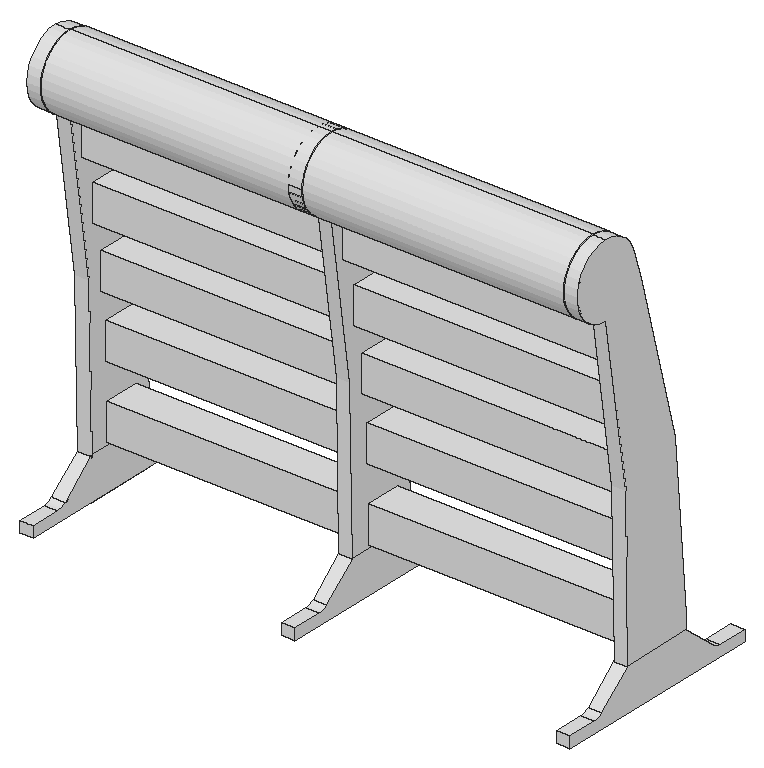
Revit family "Sunshade-Linear-Kawneer-Storefront-Curved", category Specialty Equipment, host Face, Revit 2015
Parameters (values of type "30"-Square")
  Width [instance] = 3' - 0"
  URL = "http://www.kawneer.com/kawneer/north_america/en/home.asp"
  Type Comments = ""
  Show Right Outrigger [instance] = yes
  Show Left Outrigger [instance] = yes
  Product data url = "https://bimobject.com/kawneerna/product/04315"
  Product Page URL = "http://www.kawneer.com/kawneer/north_america/en/product.asp?cat_id=1463&prod_id=4315"
  Product Documentation Link = "http://www.kawneer.com/kawneer/north_america/catalog/pdf/Sun_Control/Versoleil_Storefront_Flyer.pdf"
  Model = "Sunshade Linear Storefront"  # constant formula
  Manufacturer = "Kawneer "  # constant formula
  Length = 2' - 6"
  Has Same Mullion Distance [instance] = no
  Has 6th Blade = if(Length = 3' 0", 1 = 1, 1 = 0)  # no
  Finish = Aluminum - Kawneer - Clear
  Distance Blade 5 and 6 = 0' - 0 7/8"  # constant formula
  Distance Blade 4 and 5 = if(Length = 3' 0", 0' 0 5/8", 0' 0 15/16")  # 0' - 0 15/16"
  Distance Blade 3 and 4 = if(Length = 3' 0", 0' 0 5/8", 0' 0 11/16")  # 0' - 0 11/16"
  Distance Blade 2 and 3 = if(Length = 3' 0", 0' 0 1/8", 0' 0 7/16")  # 0' - 0 7/16"
  Distance Blade 1 and 2 = if(Length = 3' 0", 0' 0", 0' 0 1/8")  # 0' - 0 1/8"
  Description = "Square Outrigger, Rectangle Fascias"
  Default Elevation = 4' - 0"
  Copyright © = "©2012 Kawneer  "  # constant formula
  Mullion Distance [instance] = 4' - 0"
  CTRl Outrigger Count [instance] = if(Outrigger 21 Distance > 0' 0", 23, if(Outrigger 20 Distance > 0' 0", 22, if(Outrigger 19 Distance > 0' 0", 21, if(Outrigger 18 Distance > 0' 0", 20, if(Outrigger 17 Distance > 0' 0", 19, if(Outrigger 16 Distance > 0' 0", 18, if(Outrigger 15 Distance > 0' 0", 17, if(Outrigger 14 Distance > 0' 0", 16, if(Outrigger 13 Distance > 0' 0", 15, if(Outrigger 12 Distance > 0' 0", 14, if(Outrigger 11 Distance > 0' 0", 13, if(Outrigger 10 Distance > 0' 0", 12, if(Outrigger 09 Distance > 0' 0", 11, if(Outrigger 08 Distance > 0' 0", 10, if(Outrigger 07 Distance > 0' 0", 9, if(Outrigger 06 Distance > 0' 0", 8, if(Outrigger 05 Distance > 0' 0", 7, if(Outrigger 04 Distance > 0' 0", 6, if(Outrigger 03 Distance > 0' 0", 5, if(Outrigger 02 Distance > 0' 0", 4, if(Outrigger 01 Distance > 0' 0", 3, (Width / Mullion Distance) + 1)))))))))))))))))))))  # 3
  CTRL Outrigger 21 Distance [instance] = if(Outrigger Count < 23, 0' 0", if(Has Same Mullion Distance, Mullion Distance, if(Outrigger 21 Distance > 5' 0", 5' 0", Outrigger 21 Distance)))  # 0' - 0"
  CTRL Outrigger 20 Distance [instance] = if(Outrigger Count < 22, 0' 0", if(Has Same Mullion Distance, Mullion Distance, if(Outrigger 20 Distance > 5' 0", 5' 0", Outrigger 20 Distance)))  # 0' - 0"
  CTRL Outrigger 19 Distance [instance] = if(Outrigger Count < 21, 0' 0", if(Has Same Mullion Distance, Mullion Distance, if(Outrigger 19 Distance > 5' 0", 5' 0", Outrigger 19 Distance)))  # 0' - 0"
  CTRL Outrigger 18 Distance [instance] = if(Outrigger Count < 20, 0' 0", if(Has Same Mullion Distance, Mullion Distance, if(Outrigger 18 Distance > 5' 0", 5' 0", Outrigger 18 Distance)))  # 0' - 0"
  CTRL Outrigger 17 Distance [instance] = if(Outrigger Count < 19, 0' 0", if(Has Same Mullion Distance, Mullion Distance, if(Outrigger 17 Distance > 5' 0", 5' 0", Outrigger 17 Distance)))  # 0' - 0"
  CTRL Outrigger 16 Distance [instance] = if(Outrigger Count < 18, 0' 0", if(Has Same Mullion Distance, Mullion Distance, if(Outrigger 16 Distance > 5' 0", 5' 0", Outrigger 16 Distance)))  # 0' - 0"
  CTRL Outrigger 15 Distance [instance] = if(Outrigger Count < 17, 0' 0", if(Has Same Mullion Distance, Mullion Distance, if(Outrigger 15 Distance > 5' 0", 5' 0", Outrigger 15 Distance)))  # 0' - 0"
  CTRL Outrigger 14 Distance [instance] = if(Outrigger Count < 16, 0' 0", if(Has Same Mullion Distance, Mullion Distance, if(Outrigger 14 Distance > 5' 0", 5' 0", Outrigger 14 Distance)))  # 0' - 0"
  CTRL Outrigger 13 Distance [instance] = if(Outrigger Count < 15, 0' 0", if(Has Same Mullion Distance, Mullion Distance, if(Outrigger 13 Distance > 5' 0", 5' 0", Outrigger 13 Distance)))  # 0' - 0"
  CTRL Outrigger 12 Distance [instance] = if(Outrigger Count < 14, 0' 0", if(Has Same Mullion Distance, Mullion Distance, if(Outrigger 12 Distance > 5' 0", 5' 0", Outrigger 12 Distance)))  # 0' - 0"
  CTRL Outrigger 11 Distance [instance] = if(Outrigger Count < 13, 0' 0", if(Has Same Mullion Distance, Mullion Distance, if(Outrigger 11 Distance > 5' 0", 5' 0", Outrigger 11 Distance)))  # 0' - 0"
  CTRL Outrigger 10 Distance [instance] = if(Outrigger Count < 12, 0' 0", if(Has Same Mullion Distance, Mullion Distance, if(Outrigger 10 Distance > 5' 0", 5' 0", Outrigger 10 Distance)))  # 0' - 0"
  CTRL Outrigger 09 Distance [instance] = if(Outrigger Count < 11, 0' 0", if(Has Same Mullion Distance, Mullion Distance, if(Outrigger 09 Distance > 5' 0", 5' 0", Outrigger 09 Distance)))  # 0' - 0"
  CTRL Outrigger 08 Distance [instance] = if(Outrigger Count < 10, 0' 0", if(Has Same Mullion Distance, Mullion Distance, if(Outrigger 08 Distance > 5' 0", 5' 0", Outrigger 08 Distance)))  # 0' - 0"
  CTRL Outrigger 07 Distance [instance] = if(Outrigger Count < 9, 0' 0", if(Has Same Mullion Distance, Mullion Distance, if(Outrigger 07 Distance > 5' 0", 5' 0", Outrigger 07 Distance)))  # 0' - 0"
  CTRL Outrigger 06 Distance [instance] = if(Outrigger Count < 8, 0' 0", if(Has Same Mullion Distance, Mullion Distance, if(Outrigger 06 Distance > 5' 0", 5' 0", Outrigger 06 Distance)))  # 0' - 0"
  CTRL Outrigger 05 Distance [instance] = if(Outrigger Count < 7, 0' 0", if(Has Same Mullion Distance, Mullion Distance, if(Outrigger 05 Distance > 5' 0", 5' 0", Outrigger 05 Distance)))  # 0' - 0"
  CTRL Outrigger 04 Distance [instance] = if(Outrigger Count < 6, 0' 0", if(Has Same Mullion Distance, Mullion Distance, if(Outrigger 04 Distance > 5' 0", 5' 0", Outrigger 04 Distance)))  # 0' - 0"
  CTRL Outrigger 03 Distance [instance] = if(Outrigger Count < 5, 0' 0", if(Has Same Mullion Distance, Mullion Distance, if(Outrigger 03 Distance > 5' 0", 5' 0", Outrigger 03 Distance)))  # 0' - 0"
  CTRL Outrigger 02 Distance [instance] = if(Outrigger Count < 4, 0' 0", if(Has Same Mullion Distance, Mullion Distance, if(Outrigger 02 Distance > 5' 0", 5' 0", Outrigger 02 Distance)))  # 0' - 0"
  CTRL Outrigger 01 Distance [instance] = if(Outrigger Count < 3, 0' 0", if(Has Same Mullion Distance, Mullion Distance, if(Outrigger 01 Distance > 5' 0", 5' 0", Outrigger 01 Distance)))  # 1' - 6"
  CTRL Length = if(Length < 2' 6", 2' 6", if(Length = 2' 6", 2' 6", if(Length < 3' 0", 3' 0", if(Length = 3' 0", 3' 0", 2' 6"))))  # 2' - 6"
  Bottom Inset Distance = if(Length = 3' 0", 0' 5 3/4", 0' 5")  # 0' - 5"
  Blades Distance = 0' - 4 1/2"
  CTRL Middle Blade Visibility [instance] = if(Outrigger Count = 2, 1 = 0, 1 = 1)  # yes
  Outrigger Count [instance] = if(Has Same Mullion Distance, (Width / Mullion Distance) + 1, CTRl Outrigger Count)  # 3
  Outrigger 21 Distance [instance] = 0' - 0"
  Outrigger 20 Distance [instance] = 0' - 0"
  Outrigger 19 Distance [instance] = 0' - 0"
  Outrigger 18 Distance [instance] = 0' - 0"
  Outrigger 17 Distance [instance] = 0' - 0"
  Outrigger 16 Distance [instance] = 0' - 0"
  Outrigger 15 Distance [instance] = 0' - 0"
  Outrigger 14 Distance [instance] = 0' - 0"
  Outrigger 13 Distance [instance] = 0' - 0"
  Outrigger 12 Distance [instance] = 0' - 0"
  Outrigger 11 Distance [instance] = 0' - 0"
  Outrigger 10 Distance [instance] = 0' - 0"
  Outrigger 09 Distance [instance] = 0' - 0"
  Outrigger 08 Distance [instance] = 0' - 0"
  Outrigger 07 Distance [instance] = 0' - 0"
  Outrigger 06 Distance [instance] = 0' - 0"
  Outrigger 05 Distance [instance] = 0' - 0"
  Outrigger 04 Distance [instance] = 0' - 0"
  Outrigger 03 Distance [instance] = 0' - 0"
  Outrigger 02 Distance [instance] = 0' - 0"
  Outrigger 01 Distance [instance] = 1' - 6"
  Blade Width [instance] = if(1 = 1, Width, 1' 0")  # 3' - 0"
  Blade Type = Blade-Kawneer-Square : Versoleil
  Blade Count = 5
Types (4): name | Has Same Mullion Distance | CTRL Outrigger 01 Distance | CTRL Middle Blade Visibility | Outrigger Count | Blade Type
  (no name) | yes | 0' - 0" | no | 2 | Blade-Kawneer-Circular : Versoleil
  30"-Circular | yes | 0' - 0" | no | 2 | Blade-Kawneer-Circular : Versoleil
  30"-Diamond | no | 1' - 6" | yes | 3 | Blade-Kawneer-Diamond : Versoleil
  30"-Square | no | 1' - 6" | yes | 3 | Blade-Kawneer-Square : Versoleil
Reference planes (in)
  plane 1 "Center (Front/Back)": y = 0
  plane 2: z = 0
  plane 3 "Center (Left/Right)": x = 3.30772
  plane 4 "Bracket Bottom": z = 0
  plane 5 "Arm_Center-(T/B)": z = 2.07581
  plane 6 "Left": x = -14.69228
  plane 7 "Right": x = 21.30772
  plane 8 "Bracket_Center-(L/R)-Left": x = -15.16103
  plane 9 "Bracket_Center-(L/R)-Right": x = 21.77647
  plane 10 "Bracket Set 1": x = 2.83897
  plane 11 "Bracket Set 20": x = 2.83897
  plane 12 "Bracket Set 2": x = 2.83897
  plane 13 "Bracket Set 3": x = 2.83897
  plane 14 "Bracket Set 4": x = 2.83897
  plane 15 "Bracket Set 5": x = 2.83897
  plane 16 "Bracket Set 6": x = 2.83897
  plane 17 "Bracket Set 7": x = 2.83897
  plane 18 "Bracket Set 8": x = 2.83897
  plane 19 "Bracket Set 9": x = 2.83897
  plane 20 "Bracket Set 10": x = 2.83897
  plane 21 "Bracket Set 11": x = 2.83897
  plane 22 "Bracket Set 12": x = 2.83897
  plane 23 "Bracket Set 13": x = 2.83897
  plane 24 "Bracket Set 14": x = 2.83897
  plane 25 "Bracket Set 15": x = 2.83897
  plane 26 "Bracket Set 16": x = 2.83897
  plane 27 "Bracket Set 17": x = 2.83897
  plane 28 "Bracket Set 18": x = 2.83897
  plane 29 "Bracket Set 19": x = 2.83897
  plane 30 "Bracket Set 21": x = 2.83897
  plane 31 "Left of Right Outrigger": x = 21.30772
  plane 32 "Right of Right Outrigger": x = 22.24522
  plane 33 "Left of Left Outrigger": x = -15.62978
  plane 34 "Right of Left Outrigger": x = -14.69228
  plane 35 "Blade 1": z = 5
  plane 36 "Top": z = 30
  plane 37 "Back of Fascia": z = 27.50297
  plane 38 "Center of Fascias": y = -4.375
  plane 39 "Center Left / Right Blade 2": y = -0.125
  plane 40 "Center Left / Right Blade 3": y = -0.5625
  plane 41 "Center Left / Right Blade 4": y = -1.25
  plane 42 "Center Left / Right Blade 5": y = -2.1875
  plane 43 "Center Front/Back Blade 2": z = 9.5
  plane 44 "Center Front/Back Blade 3": z = 14
  plane 45 "Center Front/Back Blade 4": z = 18.5
  plane 46 "Center Front/Back Blade 5": z = 23
Dimensions and locks (in)
  locked: plane 5 "Arm_Center-(T/B)" to plane 4 "Bracket Bottom" at 2.07581
  locked: plane 4 "Bracket Bottom" to plane 2 at 0
  "CTRL Outrigger 01 Distance": plane 8 "Bracket_Center-(L/R)-Left" to plane 10 "Bracket Set 1"
  "CTRL Outrigger 02 Distance": plane 10 "Bracket Set 1" to plane 12 "Bracket Set 2"
  "CTRL Outrigger 03 Distance": plane 12 "Bracket Set 2" to plane 13 "Bracket Set 3"
  "CTRL Outrigger 04 Distance": plane 13 "Bracket Set 3" to plane 14 "Bracket Set 4"
  "CTRL Outrigger 05 Distance": plane 14 "Bracket Set 4" to plane 15 "Bracket Set 5"
  "CTRL Outrigger 06 Distance": plane 15 "Bracket Set 5" to plane 16 "Bracket Set 6"
  "CTRL Outrigger 07 Distance": plane 16 "Bracket Set 6" to plane 17 "Bracket Set 7"
  "CTRL Outrigger 08 Distance": plane 17 "Bracket Set 7" to plane 18 "Bracket Set 8"
  "CTRL Outrigger 09 Distance": plane 18 "Bracket Set 8" to plane 19 "Bracket Set 9"
  "CTRL Outrigger 10 Distance": plane 19 "Bracket Set 9" to plane 20 "Bracket Set 10"
  "CTRL Outrigger 11 Distance": plane 20 "Bracket Set 10" to plane 21 "Bracket Set 11"
  "CTRL Outrigger 12 Distance": plane 21 "Bracket Set 11" to plane 22 "Bracket Set 12"
  "CTRL Outrigger 13 Distance": plane 22 "Bracket Set 12" to plane 23 "Bracket Set 13"
  "CTRL Outrigger 14 Distance": plane 23 "Bracket Set 13" to plane 24 "Bracket Set 14"
  "CTRL Outrigger 15 Distance": plane 24 "Bracket Set 14" to plane 25 "Bracket Set 15"
  "CTRL Outrigger 16 Distance": plane 25 "Bracket Set 15" to plane 26 "Bracket Set 16"
  "CTRL Outrigger 17 Distance": plane 26 "Bracket Set 16" to plane 27 "Bracket Set 17"
  "CTRL Outrigger 18 Distance": plane 27 "Bracket Set 17" to plane 28 "Bracket Set 18"
  "CTRL Outrigger 19 Distance": plane 28 "Bracket Set 18" to plane 29 "Bracket Set 19"
  "CTRL Outrigger 20 Distance": plane 29 "Bracket Set 19" to plane 11 "Bracket Set 20"
  "CTRL Outrigger 21 Distance": plane 11 "Bracket Set 20" to plane 30 "Bracket Set 21"
  locked: plane 32 "Right of Right Outrigger" to plane 31 "Left of Right Outrigger" at 0.9375
  locked: plane 33 "Left of Left Outrigger" to plane 34 "Right of Left Outrigger" at 0.9375
  equal spacing: plane 6 "Left", plane 3 "Center (Left/Right)", plane 7 "Right"
  "Width": plane 6 "Left" to plane 7 "Right"
  locked: plane 7 "Right" to plane 9 "Bracket_Center-(L/R)-Right" at 0.46875
  locked: plane 8 "Bracket_Center-(L/R)-Left" to plane 6 "Left" at 0.46875
  "Bottom Inset Distance": plane 35 "Blade 1" to plane 4 "Bracket Bottom"
  "Length": plane 36 "Top" to plane 4 "Bracket Bottom"
  locked: plane 36 "Top" to plane 37 "Back of Fascia" at 2.49703
  "Blades Distance": plane 43 "Center Front/Back Blade 2" to plane 35 "Blade 1"
  "Blades Distance": plane 44 "Center Front/Back Blade 3" to plane 43 "Center Front/Back Blade 2"
  "Blades Distance": plane 45 "Center Front/Back Blade 4" to plane 44 "Center Front/Back Blade 3"
  "Blades Distance": plane 46 "Center Front/Back Blade 5" to plane 45 "Center Front/Back Blade 4"
  "Distance Blade 1 and 2": plane 39 "Center Left / Right Blade 2" to plane 1 "Center (Front/Back)"
  "Distance Blade 2 and 3": plane 40 "Center Left / Right Blade 3" to plane 39 "Center Left / Right Blade 2"
  "Distance Blade 3 and 4": plane 41 "Center Left / Right Blade 4" to plane 40 "Center Left / Right Blade 3"
  "Distance Blade 4 and 5": plane 42 "Center Left / Right Blade 5" to plane 41 "Center Left / Right Blade 4"
  aligned and locked: plane 2 to host face
  aligned and locked: level to host face
  aligned and locked: plane 4 "Bracket Bottom" to nested 1
  aligned and locked: plane 1 "Center (Front/Back)" to nested 1
  aligned and locked: nested 1 to plane 8 "Bracket_Center-(L/R)-Left"
  aligned and locked: plane 9 "Bracket_Center-(L/R)-Right" to nested 2
  aligned and locked: plane 1 "Center (Front/Back)" to nested 2
  aligned and locked: plane 4 "Bracket Bottom" to nested 2
  aligned and locked: nested 3 to plane 10 "Bracket Set 1"
  aligned and locked: nested 4 to plane 12 "Bracket Set 2"
  aligned and locked: nested 5 to plane 13 "Bracket Set 3"
  aligned and locked: nested 6 to plane 14 "Bracket Set 4"
  aligned and locked: nested 7 to plane 15 "Bracket Set 5"
  aligned and locked: nested 8 to plane 16 "Bracket Set 6"
  aligned and locked: nested 9 to plane 17 "Bracket Set 7"
  aligned and locked: nested 10 to plane 18 "Bracket Set 8"
  aligned and locked: nested 11 to plane 19 "Bracket Set 9"
  aligned and locked: nested 12 to plane 20 "Bracket Set 10"
  aligned and locked: nested 13 to plane 21 "Bracket Set 11"
  aligned and locked: nested 14 to plane 22 "Bracket Set 12"
  aligned and locked: nested 15 to plane 23 "Bracket Set 13"
  aligned and locked: nested 16 to plane 24 "Bracket Set 14"
  aligned and locked: nested 17 to plane 25 "Bracket Set 15"
  aligned and locked: nested 18 to plane 26 "Bracket Set 16"
  aligned and locked: nested 19 to plane 27 "Bracket Set 17"
  aligned and locked: nested 20 to plane 28 "Bracket Set 18"
  aligned and locked: nested 21 to plane 29 "Bracket Set 19"
  aligned and locked: nested 22 to plane 11 "Bracket Set 20"
  aligned and locked: plane 4 "Bracket Bottom" to nested 3
  aligned and locked: plane 4 "Bracket Bottom" to nested 4
  aligned and locked: plane 4 "Bracket Bottom" to nested 5
  aligned and locked: plane 4 "Bracket Bottom" to nested 6
  aligned and locked: plane 4 "Bracket Bottom" to nested 7
  aligned and locked: plane 4 "Bracket Bottom" to nested 8
  aligned and locked: plane 4 "Bracket Bottom" to nested 9
  aligned and locked: plane 4 "Bracket Bottom" to nested 10
  aligned and locked: plane 4 "Bracket Bottom" to nested 11
  aligned and locked: plane 4 "Bracket Bottom" to nested 12
  aligned and locked: plane 4 "Bracket Bottom" to nested 13
  aligned and locked: plane 4 "Bracket Bottom" to nested 14
  aligned and locked: plane 4 "Bracket Bottom" to nested 15
  aligned and locked: plane 4 "Bracket Bottom" to nested 16
  aligned and locked: plane 4 "Bracket Bottom" to nested 17
  aligned and locked: plane 4 "Bracket Bottom" to nested 18
  aligned and locked: plane 4 "Bracket Bottom" to nested 19
  aligned and locked: plane 4 "Bracket Bottom" to nested 20
  aligned and locked: plane 4 "Bracket Bottom" to nested 21
  aligned and locked: plane 4 "Bracket Bottom" to nested 22
  aligned and locked: nested 23 to plane 30 "Bracket Set 21"
  aligned and locked: plane 1 "Center (Front/Back)" to nested 23
  aligned and locked: plane 1 "Center (Front/Back)" to nested 22
  aligned and locked: plane 1 "Center (Front/Back)" to nested 21
  aligned and locked: plane 1 "Center (Front/Back)" to nested 20
  aligned and locked: plane 1 "Center (Front/Back)" to nested 19
  aligned and locked: plane 1 "Center (Front/Back)" to nested 18
  aligned and locked: plane 1 "Center (Front/Back)" to nested 17
  aligned and locked: plane 1 "Center (Front/Back)" to nested 16
  aligned and locked: plane 1 "Center (Front/Back)" to nested 15
  aligned and locked: plane 1 "Center (Front/Back)" to nested 14
  aligned and locked: plane 7 "Right" to plane 31 "Left of Right Outrigger"
  aligned and locked: plane 34 "Right of Left Outrigger" to nested 1
  aligned and locked: plane 6 "Left" to plane 34 "Right of Left Outrigger"
  aligned: plane 35 "Blade 1" to nested 24  (x3)
  aligned and locked: plane 1 "Center (Front/Back)" to nested 24
  aligned and locked: plane 1 "Center (Front/Back)" to nested 13
  aligned and locked: plane 6 "Left" to nested 25
  aligned: plane 1 "Center (Front/Back)" to nested 25
  aligned and locked: plane 36 "Top" to nested 2
  aligned: plane 37 "Back of Fascia" to nested 25
  aligned and locked: plane 34 "Right of Left Outrigger" to nested 24  (x2)
  aligned and locked: plane 38 "Center of Fascias" to nested 25
  aligned and locked: plane 31 "Left of Right Outrigger" to nested 24
  aligned and locked: plane 34 "Right of Left Outrigger" to nested 25
  aligned and locked: plane 31 "Left of Right Outrigger" to nested 25
  aligned and locked: plane 39 "Center Left / Right Blade 2" to nested 26
  aligned and locked: plane 43 "Center Front/Back Blade 2" to nested 26
  aligned and locked: plane 44 "Center Front/Back Blade 3" to nested 27
  aligned and locked: plane 40 "Center Left / Right Blade 3" to nested 27
  aligned and locked: plane 45 "Center Front/Back Blade 4" to nested 28
  aligned and locked: plane 41 "Center Left / Right Blade 4" to nested 28
  aligned and locked: plane 46 "Center Front/Back Blade 5" to nested 29
  aligned and locked: plane 42 "Center Left / Right Blade 5" to nested 29
  aligned and locked: plane 36 "Top" to nested 25
  aligned and locked: nested 1 to nested 24
Automatic sketch dimensions
  host sketch curve to host sketch curve = 8' - 0"  (x2)
Nested families (in)
  nested 1: "Outrigger-Kawneer-Curved" at (-15.16103, 0, 0), visible <- "Show Left Outrigger", type "5""
    with Length 2' - 6"
  nested 2: "Outrigger-Kawneer-Curved" at (21.77647, 0, 0), visible <- "Show Right Outrigger", type "5""
    with Length 2' - 6"
  nested 3: "Outrigger-Kawneer-Curved" at (2.83897, 0, 0), visible <- "CTRL Middle Blade Visibility", type "5""
    with Length 2' - 6"
  nested 4: "Outrigger-Kawneer-Curved" at (2.83897, 0, 0), visible <- "CTRL Middle Blade Visibility", type "5""
    with Length 2' - 6"
  nested 5: "Outrigger-Kawneer-Curved" at (2.83897, 0, 0), visible <- "CTRL Middle Blade Visibility", type "5""
    with Length 2' - 6"
  nested 6: "Outrigger-Kawneer-Curved" at (2.83897, 0, 0), visible <- "CTRL Middle Blade Visibility", type "5""
    with Length 2' - 6"
  nested 7: "Outrigger-Kawneer-Curved" at (2.83897, 0, 0), visible <- "CTRL Middle Blade Visibility", type "5""
    with Length 2' - 6"
  nested 8: "Outrigger-Kawneer-Curved" at (2.83897, 0, 0), visible <- "CTRL Middle Blade Visibility", type "5""
    with Length 2' - 6"
  nested 9: "Outrigger-Kawneer-Curved" at (2.83897, 0, 0), visible <- "CTRL Middle Blade Visibility", type "5""
    with Length 2' - 6"
  nested 10: "Outrigger-Kawneer-Curved" at (2.83897, 0, 0), visible <- "CTRL Middle Blade Visibility", type "5""
    with Length 2' - 6"
  nested 11: "Outrigger-Kawneer-Curved" at (2.83897, 0, 0), visible <- "CTRL Middle Blade Visibility", type "5""
    with Length 2' - 6"
  nested 12: "Outrigger-Kawneer-Curved" at (2.83897, 0, 0), visible <- "CTRL Middle Blade Visibility", type "5""
    with Length 2' - 6"
  nested 13: "Outrigger-Kawneer-Curved" at (2.83897, 0, 0), visible <- "CTRL Middle Blade Visibility", type "5""
    with Length 2' - 6"
  nested 14: "Outrigger-Kawneer-Curved" at (2.83897, 0, 0), visible <- "CTRL Middle Blade Visibility", type "5""
    with Length 2' - 6"
  nested 15: "Outrigger-Kawneer-Curved" at (2.83897, 0, 0), visible <- "CTRL Middle Blade Visibility", type "5""
    with Length 2' - 6"
  nested 16: "Outrigger-Kawneer-Curved" at (2.83897, 0, 0), visible <- "CTRL Middle Blade Visibility", type "5""
    with Length 2' - 6"
  nested 17: "Outrigger-Kawneer-Curved" at (2.83897, 0, 0), visible <- "CTRL Middle Blade Visibility", type "5""
    with Length 2' - 6"
  nested 18: "Outrigger-Kawneer-Curved" at (2.83897, 0, 0), visible <- "CTRL Middle Blade Visibility", type "5""
    with Length 2' - 6"
  nested 19: "Outrigger-Kawneer-Curved" at (2.83897, 0, 0), visible <- "CTRL Middle Blade Visibility", type "5""
    with Length 2' - 6"
  nested 20: "Outrigger-Kawneer-Curved" at (2.83897, 0, 0), visible <- "CTRL Middle Blade Visibility", type "5""
    with Length 2' - 6"
  nested 21: "Outrigger-Kawneer-Curved" at (2.83897, 0, 0), visible <- "CTRL Middle Blade Visibility", type "5""
    with Length 2' - 6"
  nested 22: "Outrigger-Kawneer-Curved" at (2.83897, 0, 0), visible <- "CTRL Middle Blade Visibility", type "5""
    with Length 2' - 6"
  nested 23: "Outrigger-Kawneer-Curved" at (2.83897, 0, 0), visible <- "CTRL Middle Blade Visibility", type "5""
    with Length 2' - 6"
  nested 24: "Blade-Kawneer-Square" at (3.30772, 0, 3.21875), Blade Materials <- "Finish", CTRL Width <- "Width", type <- "Blade Type", type "Versoleil"
    with CTRL Width 3' - 0", Blade Materials Aluminum - Kawneer - Clear
  nested 25: "Fascia-Kawneer-Circular" at (3.30772, -4.375, 25.01562), Fascias Materials <- "Finish", CTRL Width <- "Width", type "Versoleil"
    with Fascias Materials Aluminum - Kawneer - Clear, CTRL Width 3' - 0"
  nested 26: "Blade-Kawneer-Square" at (3.30772, -0.125, 8.25), Blade Materials <- "Finish", CTRL Width <- "Width", type <- "Blade Type", type "Versoleil"
    with CTRL Width 3' - 0", Blade Materials Aluminum - Kawneer - Clear
  nested 27: "Blade-Kawneer-Square" at (3.30772, -0.5625, 12.75), Blade Materials <- "Finish", CTRL Width <- "Width", type <- "Blade Type", type "Versoleil"
    with CTRL Width 3' - 0", Blade Materials Aluminum - Kawneer - Clear
  nested 28: "Blade-Kawneer-Square" at (3.30772, -1.25, 17.25), Blade Materials <- "Finish", CTRL Width <- "Width", type <- "Blade Type", type "Versoleil"
    with CTRL Width 3' - 0", Blade Materials Aluminum - Kawneer - Clear
  nested 29: "Blade-Kawneer-Square" at (3.30772, -2.1875, 21.75), Blade Materials <- "Finish", CTRL Width <- "Width", type <- "Blade Type", type "Versoleil"
    with CTRL Width 3' - 0", Blade Materials Aluminum - Kawneer - Clear
Definition of nested family "Outrigger-Kawneer-Curved"
  Parameters
    Outrigger Thickness = 0' - 5"
    Length = 3' - 0"
    CTRL Width = 0' - 0 15/16"
    Outrigger Materials = none
  Reference planes (in)
    plane 1 "Center (Front/Back)": y = 0
    plane 2 "Original Bottom": z = 0
    plane 3 "Center (Left/Right)": x = 0
    plane 4 "Left": x = -0.46875
    plane 5 "Right": x = 0.46875
    plane 6 "Front": y = -2.5
    plane 7 "Back": y = 2.5
    plane 8 "Top": z = 36
    plane 9 "Bottom": z = 0
    plane 10 "Top of Braket": z = 2.9
    plane 11 "Right of Braket": y = 7.53105
    plane 12 "Left of Bracket": y = -7.53105
    plane 13 "Right of Left Bracket": x = -0.21875
    plane 14 "Left of Right Bracket": x = 0.21875
    plane 15 "CTRL Height": z = 8.5
    plane 16 "Center of Fascia": y = -4.375
  Forms (in)
    Sweep 1, solid, material <- "Outrigger Materials"
      path origin (10, 0, -1.71121) x (1, 0, 0) y (0, 0, 1)
        loop
          line (-9.53125, 8.91333) -> (-10.46875, 8.91333)
      profile origin (0, 0, 7.20212) x (0, 0, -1) y (0, -1, 0)
        loop
          line (7.20212, -0.05425) -> (7.20212, 2.5) -> (-1.29788, 2.5)
          arc (-1.29788, 2.5) -> (-12.55697, 3.04616) -> (-23.75071, 4.375) r 161.78399
          line (-23.75071, 4.375) -> (-23.79788, 4.375)
          arc (-23.79788, 4.375) -> (-26.29788, 6.875) -> (-28.79788, 4.375) r 2.5
          arc (-28.79788, 4.375) -> (-28.29896, 2.87644) -> (-27.00132, 1.97601) r 2.5
          arc (-27.00132, 1.97601) -> (-26.11682, 1.70106) -> (-25.24166, 1.39769) r 28.67634
          arc (-25.24166, 1.39769) -> (-14.07095, -1.51848) -> (-2.56768, -2.5) r 67.89933
          line (-2.56768, -2.5) -> (7.20212, -2.5) -> (7.20212, -0.05425)
    Sweep 2, solid, material <- "Outrigger Materials", detail levels fine
      path origin (0, 0, -1.03601) x (1, 0, 0) y (0, 0, 1)
        loop
          line (0.46875, 36.5) -> (-0.46875, 36.5)
      profile origin (0, 0, 35.46399) x (0, 0, -1) y (0, -1, 0)
        loop
          line (32.56399, 2.43915) -> (32.56399, -2.50126) -> (34.48003, -4.78471)
          arc (34.48003, -4.78471) -> (34.65368, -5.08548) -> (34.71399, -5.4275) r 1
          line (34.71399, -5.4275) -> (34.71399, -7.53105) -> (35.46399, -7.53105) -> (35.46399, 7.46895) -> (34.71399, 7.46895) -> (34.71399, 5.3654)
          arc (34.71399, 5.3654) -> (34.65368, 5.02338) -> (34.48003, 4.72261) r 1
          line (34.48003, 4.72261) -> (32.56399, 2.43915)
  Lines and regions (in)
    Masking region 1
      outline origin (0, 0, 0) x (0, 1, 0) y (0, 0, 1)
        loop
          arc (-4.375, 36) -> (-6.875, 33.5) -> (-4.375, 31) r 2.5
          line (-4.375, 31) -> (-4.375, 30.95283)
          arc (-4.375, 30.95283) -> (-2.87768, 17.56112) -> (-2.5, 4.09126) r 161.78399
          line (-2.5, 4.09126) -> (-2.5, 0) -> (2.5, 0) -> (2.5, 9.7698)
          arc (2.5, 9.7698) -> (1.48626, 21.45896) -> (-1.52468, 32.79908) r 67.89933
          arc (-1.52468, 32.79908) -> (-1.75937, 33.49836) -> (-1.97601, 34.20344) r 28.67634
          arc (-1.97601, 34.20344) -> (-2.87644, 35.50108) -> (-4.375, 36) r 2.5
    Masking region 2
      outline origin (0, -7.53105, 0) x (-1, 0, 0) y (0, 0, 1)
        loop
          line (-0.46875, 36) -> (-0.46875, 0) -> (0.46875, 0) -> (0.46875, 36) -> (-0.46875, 36)
    symbolic lines, detail levels fine
      curve 1: line (0.46875, 2.50126, 2.9) -> (0.46875, -2.43915, 2.9)
      curve 12: line (-0.46875, 2.50126, 2.9) -> (-0.46875, -2.43915, 2.9)
      curve 29: line (-0.21875, 2.5, 36) -> (-0.21875, 2.5, 0)
      curve 30: line (0.21875, 2.5, 36) -> (0.21875, 2.5, 0)
      curve 31: line (0.21875, 2.5, 36) -> (0.21875, 2.5, 0)
      curve 32: line (0.46875, 2.5, 2.9) -> (-0.46875, 2.5, 2.9)
      curve 33: line (0.46875, 2.5, 0) -> (0.46875, 2.5, 2.9)
      curve 34: line (-0.46875, 2.5, 0) -> (0.46875, 2.5, 0)
      curve 35: line (-0.46875, 2.5, 2.9) -> (-0.46875, 2.5, 0)
    symbolic lines, detail levels medium+fine
      curve 2: line (0.46875, -2.43915, 2.9) -> (0.46875, -4.72261, 0.98396)
      curve 3: arc (0.46875, -4.72261, 0.98396) -> (0.46875, -5.02338, 0.81031) -> (0.46875, -5.3654, 0.75) r 1
      curve 4: line (0.46875, -5.3654, 0.75) -> (0.46875, -7.46895, 0.75)
      curve 5: line (0.46875, -7.46895, 0.75) -> (0.46875, -7.46895, 0)
      curve 7: line (0.46875, 7.53105, 0) -> (0.46875, 7.53105, 0.95349)
      curve 8: line (0.46875, 7.53105, 0.95349) -> (0.46875, 5.4275, 0.95349)
      curve 9: arc (0.46875, 5.4275, 0.95349) -> (0.46875, 5.10574, 0.96111) -> (0.46875, 4.78471, 0.98396) r 6.79651
      curve 10: line (0.46875, 4.78471, 0.98396) -> (0.46875, 2.50126, 2.9)
      curve 11: line (-0.46875, 4.78471, 0.98396) -> (-0.46875, 2.50126, 2.9)
      curve 13: line (-0.46875, -2.43915, 2.9) -> (-0.46875, -4.72261, 0.98396)
      curve 14: arc (-0.46875, -4.72261, 0.98396) -> (-0.46875, -5.02338, 0.81031) -> (-0.46875, -5.3654, 0.75) r 1
      curve 15: line (-0.46875, -5.3654, 0.75) -> (-0.46875, -7.46895, 0.75)
      curve 16: line (-0.46875, -7.46895, 0.75) -> (-0.46875, -7.46895, 0)
      curve 18: line (-0.46875, 7.53105, 0) -> (-0.46875, 7.53105, 0.95349)
      curve 19: line (-0.46875, 7.53105, 0.95349) -> (-0.46875, 5.4275, 0.95349)
      curve 20: arc (-0.46875, 5.4275, 0.95349) -> (-0.46875, 5.10574, 0.96111) -> (-0.46875, 4.78471, 0.98396) r 6.79651
    symbolic lines
      curve 6: line (0.46875, -7.46895, 0) -> (0.46875, 7.53105, 0)
      curve 17: line (-0.46875, -7.46895, 0) -> (-0.46875, 7.53105, 0)
      curve 25: line (0.46875, 2.5, 36) -> (-0.46875, 2.5, 36)
      curve 26: line (0.46875, 2.5, 0) -> (0.46875, 2.5, 36)
      curve 27: line (-0.46875, 2.5, 0) -> (0.46875, 2.5, 0)
      curve 28: line (-0.46875, 2.5, 36) -> (-0.46875, 2.5, 0)
    model lines, detail levels medium
      curve 21: line (0.46875, -7.46895, 0) -> (0.46875, 7.53105, 0)
      curve 22: line (-0.46875, 7.53105, 0) -> (-0.46875, -7.46895, 0)
      curve 23: line (-0.46875, 7.53105, 0) -> (0.46875, 7.53105, 0)
      curve 24: line (-0.46875, -7.53105, 0) -> (0.46875, -7.53105, 0)
    symbolic lines, detail levels medium
      curve 36: line (0, 2.5, 36) -> (0, 2.5, 0)
  Dimensions and locks (in)
    "CTRL Width": plane 4 "Left" to plane 5 "Right"
    equal spacing: plane 4 "Left", plane 3 "Center (Left/Right)", plane 5 "Right"
    equal spacing: plane 6 "Front", plane 1 "Center (Front/Back)", plane 7 "Back"
    locked: plane 10 "Top of Braket" to plane 9 "Bottom" at 2.9
    locked: plane 12 "Left of Bracket" to plane 11 "Right of Braket" at 15.0621
    locked: plane 4 "Left" to plane 13 "Right of Left Bracket" at 0.25
    locked: plane 14 "Left of Right Bracket" to plane 5 "Right" at 0.25
    locked: plane 8 "Top" to plane 15 "CTRL Height" at 27.5
    "Length": plane 8 "Top" to plane 9 "Bottom"
    "Outrigger Thickness": plane 6 "Front" to plane 7 "Back"
    aligned and locked: plane 4 "Left" to Sweep 1 sketch curve
    aligned and locked: plane 5 "Right" to Sweep 1 sketch curve
    aligned: Sweep 1 to plane 2 "Original Bottom"  (x2)
    aligned: plane 8 "Top" to Sweep 1  (x2)
    aligned: plane 6 "Front" to Sweep 1  (x2)
    aligned: plane 7 "Back" to Sweep 1  (x2)
    aligned: plane 9 "Bottom" to plane 2 "Original Bottom"
    aligned: Sweep 1 to plane 9 "Bottom"  (x2)
    aligned and locked: Sweep 1 to plane 7 "Back"
    aligned and locked: Sweep 1 to plane 6 "Front"
    aligned and locked: plane 9 "Bottom" to plane 2 "Original Bottom"
    aligned and locked: plane 5 "Right" to Sweep 2 sketch curve
    aligned and locked: plane 4 "Left" to Sweep 2 sketch curve
    aligned and locked: Sweep 2 to plane 9 "Bottom"
    aligned and locked: plane 11 "Right of Braket" to Sweep 2
    aligned and locked: plane 10 "Top of Braket" to Sweep 2
    aligned and locked: Sweep 1 sketch curve to plane 9 "Bottom"  (x2)
    aligned and locked: plane 16 "Center of Fascia" to Sweep 1 sketch curve  (x2)
    aligned and locked: plane 15 "CTRL Height" to Sweep 1 sketch curve
    aligned and locked: Sweep 1 sketch curve to plane 7 "Back"
    aligned and locked: Sweep 1 sketch curve to plane 6 "Front"
    aligned and locked: plane 8 "Top" to Sweep 1 sketch curve
    aligned and locked: Masking region 1 sketch curve to Sweep 1  (x8)
    aligned and locked: Sweep 1 to Masking region 1 sketch curve
    aligned and locked: curve 12 to curve 1
    aligned and locked: curve 13 to curve 2
    aligned and locked: curve 14 to curve 3
    aligned and locked: curve 17 to curve 6
    aligned and locked: curve 18 to curve 7
    aligned and locked: curve 19 to curve 8
    aligned and locked: curve 20 to curve 9
    aligned and locked: curve 24 to Sweep 2
    aligned and locked: curve 23 to Sweep 2
    aligned and locked: plane 5 "Right" to Masking region 2 sketch curve
    aligned and locked: plane 8 "Top" to Masking region 2 sketch curve
    aligned and locked: Masking region 2 sketch curve to plane 9 "Bottom"
    aligned and locked: plane 4 "Left" to Masking region 2 sketch curve
    aligned and locked: plane 8 "Top" to curve 25
    aligned and locked: plane 5 "Right" to curve 26
    aligned and locked: plane 4 "Left" to curve 28
    aligned and locked: plane 13 "Right of Left Bracket" to curve 29
    aligned and locked: curve 30 to plane 14 "Left of Right Bracket"
    aligned and locked: curve 31 to plane 14 "Left of Right Bracket"
    aligned and locked: plane 10 "Top of Braket" to curve 32
    aligned and locked: curve 34 to plane 9 "Bottom"
    aligned and locked: plane 4 "Left" to curve 35
    aligned and locked: curve 36 to plane 3 "Center (Left/Right)"
  Automatic sketch dimensions
    level to Sweep 1 sketch curve = 0' - 7.20212"
    Sweep 2 sketch curve to plane 8 "Top" = 0' - 0.53601"
    plane 1 "Center (Front/Back)" to Sweep 2 sketch curve = 0' - 2.43915"
    Sweep 2 sketch curve to profile plane = 2' - 8.56399"
    Sweep 2 sketch curve to Sweep 2 sketch curve = 0' - 1.15"
    Sweep 2 sketch curve to Sweep 2 sketch curve = 0' - 0.76604"  (x2)
    Sweep 2 sketch curve to Sweep 2 sketch curve = 0' - 0.23396"  (x2)
    Sweep 2 sketch curve to Sweep 2 sketch curve = 0' - 2.28345"
    Sweep 2 sketch curve to Sweep 2 sketch curve = 0' - 2.10355"  (x2)
    Sweep 2 sketch curve to Sweep 2 sketch curve = 0' - 0 3/4"  (x2)
    Sweep 2 sketch curve to plane 1 "Center (Front/Back)" = 0' - 2.50126"
    Sweep 2 sketch curve to plane 1 "Center (Front/Back)" = 0' - 4.78471"
    Sweep 1 sketch curve to Sweep 1 sketch curve = 0' - 0"  (x3)
    profile plane to Sweep 1 sketch curve = 2' - 11.0702"
    plane 1 "Center (Front/Back)" to Sweep 1 sketch curve = 0' - 1.97601"
    Sweep 1 sketch curve to Sweep 1 sketch curve = 0' - 1.79656"
    plane 1 "Center (Front/Back)" to Sweep 1 sketch curve = 0' - 1.39769"
    Sweep 1 sketch curve to Sweep 1 sketch curve = 0' - 0.04717"
    Sweep 1 sketch curve to profile plane = 0' - 0.90649"
    Sweep 1 sketch curve to plane 1 "Center (Front/Back)" = 0' - 0.05425"
    curve 20 to curve 11 = 0' - 0.64279"
    plane 12 "Left of Bracket" to curve 16 = 0' - 0.0621"
    curve 14 to curve 13 = 0' - 0.23396"
    curve 11 to plane 7 "Back" = 0' - 0.00126"
    curve 23 to plane 5 "Right" = 0' - 0"
    plane 4 "Left" to curve 23 = 0' - 0"
    curve 24 to plane 5 "Right" = 0' - 0"
    plane 4 "Left" to curve 24 = 0' - 0"
    curve 21 to level = 0' - 0"
    curve 21 to plane 11 "Right of Braket" = 0' - 0"
    curve 1 to plane 10 "Top of Braket" = 0' - 0"
    plane 15 "CTRL Height" to curve 9 = 0' - 0 3/4"
    curve 9 to plane 11 "Right of Braket" = 0' - 2.10355"
    curve 10 to level = 0' - 0.98396"
    curve 9 to curve 10 = 0' - 0.64279"
    plane 7 "Back" to curve 1 = 0' - 0.00126"
    curve 2 to plane 6 "Front" = 0' - 0.06085"
    curve 2 to plane 16 "Center of Fascia" = 0' - 0.34761"
    curve 3 to plane 16 "Center of Fascia" = 0' - 0.9904"
    curve 21 to plane 12 "Left of Bracket" = 0' - 0.0621"
    curve 5 to curve 5 = 0' - 0 3/4"
    curve 3 to curve 3 = 0' - 0.23396"
Definition of nested family "Blade-Kawneer-Square"
  Parameters
    CTRL Width [instance] = 12' - 0"
    Blade Materials [instance] = none
  Reference planes (in)
    plane 1 "Center (Front/Back)": y = 0
    plane 2 "Original Bottom": z = 0
    plane 3 "Center (Left/Right)": x = 0
    plane 4 "Left": x = -72
    plane 5 "Right": x = 72
    plane 6 "Front": y = -1.25
    plane 7 "Back": y = 1.25
    plane 8 "Top": z = 2.5
    plane 9 "Bottom": z = 1.25
  Forms (in)
    Sweep 1, solid, material <- "Blade Materials", detail levels medium+fine
      path origin (10, 0, -1.63267) x (1, 0, 0) y (0, 0, 1)
        loop
          line (62, 8.91333) -> (-82, 8.91333)
      profile origin (0, 0, 7.28066) x (0, 0, -1) y (0, -1, 0)
        loop
          line (4.78066, -1.25) -> (6.03066, -1.25) -> (7.28066, -1.25) -> (7.28066, 1.25) -> (6.03066, 1.25) -> (4.78066, 1.25) -> (4.78066, -1.25)
  Lines and regions (in)
    Masking region 1
      outline origin (0, 0, 0) x (0, 1, 0) y (0, 0, 1)
        loop
          line (1.25, 2.5) -> (-1.25, 2.5) -> (-1.25, 0) -> (1.25, 0) -> (1.25, 2.5)
    Masking region 2
      outline origin (0, 0, 0) x (1, 0, 0) y (0, 1, 0)
        loop
          line (72, 1.25) -> (-72, 1.25) -> (-72, -1.25) -> (72, -1.25) -> (72, 1.25)
    Masking region 3
      outline origin (0, 0, 0) x (1, 0, 0) y (0, 0, 1)
        loop
          line (72, 2.5) -> (-72, 2.5) -> (-72, 0) -> (72, 0) -> (72, 2.5)
    symbolic lines
      curve 1: line (0, 1.25, 2.5) -> (0, -1.25, 2.5)
      curve 2: line (0, -1.25, 2.5) -> (0, -1.25, 0)
      curve 3: line (0, -1.25, 0) -> (0, 1.25, 0)
      curve 4: line (0, 1.25, 0) -> (0, 1.25, 2.5)
      curve 5: line (-72, 1.25, 2.5) -> (-72, -1.25, 2.5)
      curve 6: line (-72, -1.25, 2.5) -> (-72, -1.25, 0)
      curve 7: line (-72, -1.25, 0) -> (-72, 1.25, 0)
      curve 8: line (-72, 1.25, 0) -> (-72, 1.25, 2.5)
      curve 11: line (72, 1.25, 2.5) -> (-72, 1.25, 2.5)
      curve 12: line (72, -1.25, 2.5) -> (72, 1.25, 2.5)
      curve 13: line (-72, -1.25, 2.5) -> (72, -1.25, 2.5)
      curve 14: line (-72, 1.25, 2.5) -> (-72, -1.25, 2.5)
      curve 15: line (72, -1.25, 2.5) -> (-72, -1.25, 2.5)
      curve 16: line (72, -1.25, 1.25) -> (72, -1.25, 2.5)
      curve 17: line (-72, -1.25, 1.25) -> (72, -1.25, 1.25)
      curve 18: line (-72, -1.25, 2.5) -> (-72, -1.25, 1.25)
    model lines, detail levels coarse
      curve 9: line (-72, 0, 1.25) -> (72, 0, 1.25)
    symbolic lines, detail levels coarse
      curve 10: line (-72, 0, 1.25) -> (72, 0, 1.25)
  Dimensions and locks (in)
    "CTRL Width": plane 4 "Left" to plane 5 "Right"
    equal spacing: plane 4 "Left", plane 3 "Center (Left/Right)", plane 5 "Right"
    equal spacing: plane 6 "Front", plane 1 "Center (Front/Back)", plane 7 "Back"
    equal spacing: plane 8 "Top", plane 9 "Bottom", plane 2 "Original Bottom"
    aligned and locked: plane 4 "Left" to Sweep 1 sketch curve
    aligned and locked: plane 5 "Right" to Sweep 1 sketch curve
    aligned and locked: Sweep 1 to plane 2 "Original Bottom"
    aligned and locked: plane 8 "Top" to Sweep 1
    aligned and locked: plane 6 "Front" to Sweep 1
    aligned and locked: plane 7 "Back" to Sweep 1
    aligned and locked: Masking region 1 sketch curve to Sweep 1  (x4)
    aligned and locked: curve 1 to Masking region 1
    aligned and locked: curve 2 to Masking region 1
    aligned and locked: curve 3 to Masking region 1
    aligned and locked: curve 4 to Masking region 1
    aligned and locked: curve 5 to curve 1
    aligned and locked: curve 6 to curve 2
    aligned and locked: curve 7 to curve 3
    aligned and locked: curve 8 to curve 4
    aligned and locked: plane 1 "Center (Front/Back)" to curve 9
    aligned and locked: plane 1 "Center (Front/Back)" to curve 10
    aligned and locked: plane 5 "Right" to Masking region 2 sketch curve
    aligned and locked: plane 4 "Left" to Masking region 2 sketch curve
    aligned and locked: Masking region 2 sketch curve to plane 7 "Back"
    aligned and locked: Masking region 2 sketch curve to plane 6 "Front"
    aligned and locked: plane 5 "Right" to curve 12
    aligned and locked: plane 4 "Left" to curve 14
    aligned and locked: curve 11 to plane 7 "Back"
    aligned and locked: plane 5 "Right" to Masking region 3 sketch curve
    aligned and locked: plane 4 "Left" to Masking region 3 sketch curve
    aligned and locked: Masking region 3 sketch curve to plane 8 "Top"
    aligned and locked: Masking region 3 sketch curve to plane 2 "Original Bottom"
    aligned and locked: plane 5 "Right" to curve 16
    aligned and locked: plane 4 "Left" to curve 18
    aligned and locked: curve 15 to plane 8 "Top"
    aligned and locked: curve 17 to curve 9
  Automatic sketch dimensions
    level to Sweep 1 sketch curve = 0' - 7.28066"
    Sweep 1 sketch curve to plane 1 "Center (Front/Back)" = 0' - 1 1/4"
    Sweep 1 sketch curve to profile plane = 0' - 4.78066"
    Sweep 1 sketch curve to Sweep 1 sketch curve = 0' - 1 1/4"  (x3)
    plane 1 "Center (Front/Back)" to Sweep 1 sketch curve = 0' - 1 1/4"
    curve 10 to plane 4 "Left" = 0' - 0"
    curve 10 to plane 5 "Right" = 0' - 0"
    curve 9 to plane 5 "Right" = 0' - 0"
    curve 9 to plane 4 "Left" = 0' - 0"
    curve 13 to plane 6 "Front" = 0' - 0"
Definition of nested family "Fascia-Kawneer-Circular"
  Parameters
    CTRL Width [instance] = 12' - 0"
    Fascias Materials [instance] = none
    Assembly Code = ""
  Reference planes (in)
    plane 1 "Center (Front/Back)": y = 0
    plane 2 "Original Bottom": z = 0
    plane 3 "Center (Left/Right)": x = 0
    plane 4 "Left": x = -72
    plane 5 "Right": x = 72
    plane 6 "Front": y = -2.53125
    plane 7 "Back": y = 2.53125
    plane 8 "Top": z = 4.98438
    plane 9 "Bottom": z = 2.49219
  Forms (in)
    Sweep 1, solid, material <- "Fascias Materials", detail levels medium+fine
      path origin (10, 0, -1.63267) x (1, 0, 0) y (0, 0, 1)
        loop
          line (62, 8.91333) -> (-82, 8.91333)
      profile origin (0, 0, 7.28066) x (0, 0, -1) y (0, -1, 0)
        loop
          circle (4.78847, 0) r 2.5
  Lines and regions (in)
    Masking region 1
      outline origin (0, 0, 0) x (0, 1, 0) y (0, 0, 1)
        loop
          circle (0, 2.49219) r 2.5
    Masking region 2
      outline origin (0, 0, 0) x (1, 0, 0) y (0, 1, 0)
        loop
          line (72, 2.53125) -> (-72, 2.53125) -> (-72, -2.53125) -> (72, -2.53125) -> (72, 2.53125)
    symbolic lines
      curve 1: circle (72, 0, 2.49219) r 2.5 normal (-1, 0, 0)
      curve 2: circle (0, 0, 2.49219) r 2.5 normal (1, 0, 0)
      curve 5: line (72, 2.53125, 4.98438) -> (-72, 2.53125, 4.98438)
      curve 6: line (72, -2.53125, 4.98438) -> (72, 2.53125, 4.98438)
      curve 7: line (-72, -2.53125, 4.98438) -> (72, -2.53125, 4.98438)
      curve 8: line (-72, 2.53125, 4.98438) -> (-72, -2.53125, 4.98438)
      curve 9: line (72, -2.53125, 4.98438) -> (-72, -2.53125, 4.98438)
      curve 10: line (72, -2.53125, 0) -> (72, -2.53125, 4.98438)
      curve 11: line (-72, -2.53125, 0) -> (72, -2.53125, 0)
      curve 12: line (-72, -2.53125, 4.98438) -> (-72, -2.53125, 0)
    model lines, detail levels coarse
      curve 3: line (-72, 0, 4.98438) -> (72, 0, 4.98438)
      curve 13: line (-72, 0, 0) -> (72, 0, 0)
      curve 14: circle (72, 0, 2.49219) r 2.5 normal (1, 0, 0)
      curve 15: circle (-72, 0, 2.49219) r 2.5 normal (1, 0, 0)
    symbolic lines, detail levels coarse
      curve 4: line (-72, 0, 4.98438) -> (72, 0, 4.98438)
  Dimensions and locks (in)
    "CTRL Width": plane 4 "Left" to plane 5 "Right"
    equal spacing: plane 4 "Left", plane 3 "Center (Left/Right)", plane 5 "Right"
    equal spacing: plane 6 "Front", plane 1 "Center (Front/Back)", plane 7 "Back"
    equal spacing: plane 8 "Top", plane 9 "Bottom", plane 2 "Original Bottom"
    aligned and locked: plane 4 "Left" to Sweep 1 sketch curve
    aligned and locked: plane 5 "Right" to Sweep 1 sketch curve
    aligned: Sweep 1 to plane 2 "Original Bottom"
    aligned: plane 8 "Top" to Sweep 1
    aligned: plane 6 "Front" to Sweep 1
    aligned: plane 7 "Back" to Sweep 1
    aligned and locked: plane 1 "Center (Front/Back)" to Sweep 1 sketch curve
    aligned and locked: plane 9 "Bottom" to Sweep 1 sketch curve
    aligned and locked: Masking region 1 sketch curve to Sweep 1  (x2)
    aligned and locked: plane 1 "Center (Front/Back)" to curve 1
    aligned and locked: plane 9 "Bottom" to curve 1
    aligned and locked: plane 1 "Center (Front/Back)" to curve 2
    aligned and locked: plane 9 "Bottom" to curve 2
    aligned and locked: plane 5 "Right" to Masking region 2 sketch curve
    aligned and locked: plane 4 "Left" to Masking region 2 sketch curve
    aligned and locked: Masking region 2 sketch curve to plane 7 "Back"
    aligned and locked: Masking region 2 sketch curve to plane 6 "Front"
    aligned and locked: plane 5 "Right" to curve 10
    aligned and locked: plane 4 "Left" to curve 12
    aligned and locked: curve 11 to plane 2 "Original Bottom"
    aligned and locked: plane 8 "Top" to curve 9
    aligned and locked: curve 13 to plane 1 "Center (Front/Back)"
    aligned and locked: plane 1 "Center (Front/Back)" to curve 14
    aligned and locked: plane 9 "Bottom" to curve 14
    aligned and locked: plane 1 "Center (Front/Back)" to curve 15
    aligned and locked: plane 9 "Bottom" to curve 15
  Automatic sketch dimensions
    level to Sweep 1 sketch curve = 0' - 7.28066"
    plane 1 "Center (Front/Back)" to curve 3 = 0' - 0"
    plane 1 "Center (Front/Back)" to curve 4 = 0' - 0"
    curve 3 to plane 4 "Left" = 0' - 0"
    curve 7 to plane 5 "Right" = 0' - 0"
    plane 7 "Back" to curve 6 = 0' - 0"
    curve 8 to plane 6 "Front" = 0' - 0"
    curve 13 to plane 4 "Left" = 0' - 0"
    curve 13 to plane 5 "Right" = 0' - 0"
    radius of Sweep 1 sketch curve = 0' - 2 1/2"
    radius of curve 2 = 0' - 2 1/2"
    radius of curve 1 = 0' - 2 1/2"
    radius of curve 14 = 0' - 2 1/2"
    radius of curve 15 = 0' - 2 1/2"
